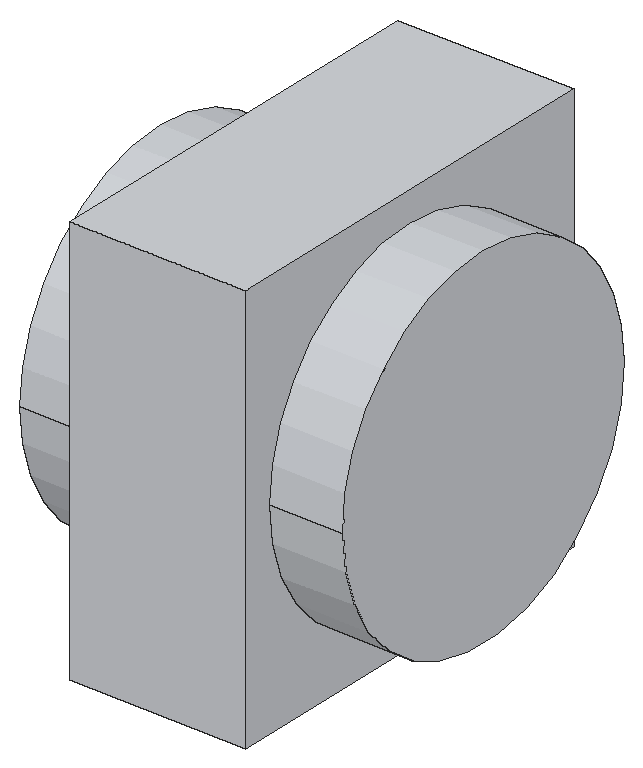
Revit family "Fire Damper - Round", category Duct Accessories, Revit 2017
Family settings
  Round Connector Dimension = Use Radius
  Part Type = Damper
  OmniClass Number = 23.60.70.11.11
  OmniClass Title = Fire Dampers
  Work Plane-Based = No
  Always vertical = Yes
  Cut with Voids When Loaded = No
  Shared = No
Parameters (values of type "Design to Fab")
  Damper Length = 0' - 6"
  Round Collar Length [instance] = 0' - 2 1/2"
  Pressure Drop [instance] = 0.00 in-wg
  Fire Damper Material = none
  Damper Width [instance] = Damper Height  # 1' - 2"
  Damper Height [instance] = Duct Diameter + 0' 2"  # 1' - 2"
  Duct Radius [instance] = 6"
  Duct Diameter [instance] = Duct Radius * 2  # 12"
Reference planes (in)
  plane 1 "Center (Front/Back)": y = 0
  plane 2: z = 0
  plane 3 "Center (Left/Right)": x = 0
  plane 4: y = 6
  plane 5: y = -6
  plane 6: x = 3
  plane 7: x = -3
  plane 8: x = -5.5
  plane 9: x = 5.5
  plane 10: z = 7
  plane 11: z = -7
  plane 12: y = -7
  plane 13: y = 7
Forms (in)
  Extrusion 1, solid, material <- "Fire Damper Material"
    sketch origin (0, 0, 0) x (0, 1, 0) y (0, 0, 1)
      loop
        line (7, 7) -> (-7, 7) -> (-7, -7) -> (7, -7) -> (7, 7)
    from -3 to 3
  Extrusion 2, solid, material <- "Fire Damper Material"
    sketch origin (0, 0, 0) x (0, 1, 0) y (0, 0, 1)
      loop
        circle (0, 0) r 6
    from -5.5 to -3
  Extrusion 3, solid, material <- "Fire Damper Material"
    sketch origin (0, 0, 0) x (0, 1, 0) y (0, 0, 1)
      loop
        circle (0, 0) r 6
    from 3 to 5.5
Cuts and joins
  joined: Extrusion 1, Extrusion 2, Extrusion 3
Lines and regions (in)
  symbolic lines, detail levels medium+fine
    curve 1: line (-5.5, 6, 0) -> (-5.5, -6, 0)
    curve 2: line (5.5, -6, 0) -> (5.5, 6, 0)
    curve 3: line (-3, 6, 0) -> (-5.5, 6, 0)
    curve 4: line (3, 6, 0) -> (5.5, 6, 0)
    curve 5: line (-3, -6, 0) -> (-5.5, -6, 0)
    curve 6: line (3, -6, 0) -> (5.5, -6, 0)
Dimensions and locks (in)
  "Duct Radius": plane 1 "Center (Front/Back)" to plane 4
  "Duct Diameter": plane 4 to plane 5
  equal spacing: plane 7, plane 3 "Center (Left/Right)", plane 6
  "Damper Length": plane 7 to plane 6
  "Round Collar Length": plane 8 to plane 7
  "Round Collar Length": plane 6 to plane 9
  equal spacing: plane 10, plane 2, plane 11
  "Damper Height": plane 10 to plane 11
  equal spacing: plane 13, plane 1 "Center (Front/Back)", plane 12
  "Damper Width": plane 13 to plane 12
  "Duct Radius": radius of Extrusion 2 sketch curve
  "Duct Radius": radius of Extrusion 3 sketch curve
  aligned and locked: plane 10 to Extrusion 1
  aligned and locked: plane 12 to Extrusion 1
  aligned and locked: plane 11 to Extrusion 1
  aligned and locked: plane 13 to Extrusion 1
  aligned and locked: plane 7 to Extrusion 1
  aligned and locked: plane 6 to Extrusion 1
  aligned and locked: plane 1 "Center (Front/Back)" to Extrusion 2 sketch curve
  aligned and locked: plane 2 to Extrusion 2 sketch curve
  aligned and locked: plane 8 to Extrusion 2
  aligned and locked: curve 3 to plane 4
  aligned and locked: plane 4 to curve 4
  aligned and locked: plane 5 to curve 5
  aligned and locked: curve 6 to plane 5
  aligned and locked: plane 9 to curve 4
  aligned and locked: plane 6 to curve 6
  aligned and locked: plane 7 to curve 5
  aligned and locked: plane 8 to curve 5
  aligned and locked: Extrusion 2 to plane 7
  aligned and locked: plane 2 to Extrusion 3 sketch curve
  aligned and locked: plane 1 "Center (Front/Back)" to Extrusion 3 sketch curve
  aligned and locked: plane 9 to Extrusion 3
  aligned and locked: Extrusion 3 to plane 6
Automatic sketch dimensions
  Extrusion 1 sketch curve to plane 10 = 0' - 0"
  Extrusion 1 sketch curve to plane 12 = 0' - 0"
  Extrusion 1 sketch curve to plane 11 = 0' - 0"
  Extrusion 1 sketch curve to plane 13 = 0' - 0"
  curve 4 to plane 6 = 0' - 0"
  curve 3 to plane 7 = 0' - 0"
Connectors (in)
  hvac at (-5.5, 0, 0), driven by "Duct Radius", driven by "Pressure Drop"
    settings: on Extrusion 2, index 1, duct flow 0 CFM, flow factor 0, pres drop 0.00 in-wg, loss coef 0, conn angle 0.00°, conn width 12", conn height 12", conn diameter 12", duct sys type 29, conn prof type 0, flow config 0, flow direction 0, loss method 4, conn ref index 2, conn util no, is conn primary yes, conn desc ""
  hvac at (5.5, 0, 0), driven by "Duct Radius"
    settings: on Extrusion 3, index 2, duct flow 0 CFM, flow factor 0, pres drop 0.00 in-wg, loss coef 0, conn angle 0.00°, conn width 12", conn height 12", conn diameter 12", duct sys type 29, conn prof type 0, flow config 0, flow direction 0, loss method 4, conn ref index 1, conn util no, is conn primary no, conn desc ""
